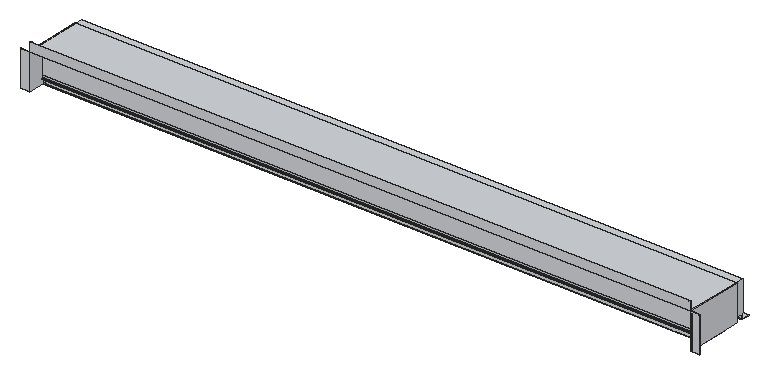
Revit family "EOS2.0-R-GRZ", category Lighting Fixtures, host Face, Revit 2018
Family settings
  Host = Face
  Round Connector Dimension = Use Diameter
  Part Type = Normal
  Cut with Voids When Loaded = No
  Light Source = Yes
  Shared = Yes
  Room Calculation Point = Yes
Parameters (values of type "4' Direct")
  Wattage = 17.6471 W
  built-in parameter 1150110 = 1 (stored number, unit not read)
  Voltage = 0 V
  built-in parameter 1114217 = 1 (stored number, unit not read)
  built-in parameter 1150109 = 1 (stored number, unit not read)
  built-in parameter 1150134 = 12
  Switch Leg Visibility = yes
  Switch Leg [instance] = ""
  built-in parameter 1150113 = 1 (stored number, unit not read)
  Regress = 0' - 1"
  Material [instance] = LUX ILLUMINAIRE White
  built-in parameter 1150105 = 477.46 (stored number, unit not read)
  Lumens = 1500 lm
  built-in parameter 1150115 = 1 (stored number, unit not read)
  Light Source Symbol Size = 2' - 0"
  built-in parameter 1150137 = (empty or 0)
  built-in parameter 1150139 = (empty or 0)
  built-in parameter 1150112 = 1 (stored number, unit not read)
  built-in parameter 1150114 = 1 (stored number, unit not read)
  Lamp = "LED"
  built-in parameter 1150132 = 2
  built-in parameter 1150102 = (empty or 0)
  built-in parameter 1150107 = 4000 (stored number, unit not read)
  built-in parameter 1150138 = (empty or 0)
  built-in parameter 1150106 = 4.7746 (stored number, unit not read)
  Fixture Width = 0' - 2 75/128"  # constant formula
  Fixture Symbol Visiblity = yes
  Fixture Length = 3' - 11.99869"
  Fixture Height = 0' 3 11/16" + Regress  # 0' - 4 11/16"
  End Cap Right [instance] = yes
  End Cap Left [instance] = yes
  Emit from Rectangle Width = Fixture Width - 0' 0 5/8"  # 0' - 1 123/128"
  Emit from Rectangle Length = Fixture Length  # 3' - 11.99869"
  Emit Shape Visible in Rendering = yes
  Emergency Lighting [instance] = no
  built-in parameter 1150104 = 7.8968 (stored number, unit not read)
  Dimming Lamp Color Temperature Shift = <None>
  Default Elevation = 7' - 0"
  Color Filter = 16777215
  built-in parameter 1140040 [instance] = 1
  built-in parameter 1114218 = 1 (stored number, unit not read)
  built-in parameter 1150133 = 10 (stored number, unit not read)
  Apparent Load = 13.7 VA
Types (6): name | Wattage | built-in parameter 1150105 | Lumens | built-in parameter 1150106 | Fixture Length | Emit from Rectangle Length | Apparent Load
  3' Direct | 13.2353 W | 358.1 (stored number, unit not read) | 1125 lm | 3.581 (stored number, unit not read) | 3' - 0" | 3' - 0" | 10.3 VA
  4' Direct | 17.6471 W | 477.46 (stored number, unit not read) | 1500 lm | 4.7746 (stored number, unit not read) | 3' - 11.99869" | 3' - 11.99869" | 13.7 VA
  5' Direct | 22.0588 W | 596.83 (stored number, unit not read) | 1875 lm | 5.9683 (stored number, unit not read) | 5' - 0" | 5' - 0" | 17.1 VA
  6' Direct | 26.4706 W | 716.2 (stored number, unit not read) | 2250 lm | 7.162 (stored number, unit not read) | 6' - 0" | 6' - 0" | 20.6 VA
  7' Direct | 30.8824 W | 835.56 (stored number, unit not read) | 2625 lm | 8.3556 (stored number, unit not read) | 7' - 0" | 7' - 0" | 24 VA
  8' Direct | 35.2941 W | 954.93 (stored number, unit not read) | 3000 lm | 9.5493 (stored number, unit not read) | 8' - 0" | 8' - 0" | 27.4 VA
Reference planes (in)
  plane 1 "Center (Front/Back)": y = 0
  plane 2: z = 0
  plane 3 "Center (Left/Right)": x = 0
  plane 4: x = 23.99935
  plane 5: x = -23.99935
  plane 6: z = 1
  plane 7: x = 24.25261
  plane 8: x = -24.25065
  plane 9: z = 2.58594
  plane 10 "Fixture Height": y = 4.6875
  plane 11 "Center L/S": y = 1
Forms (in)
  Extrusion 1, solid, not visible
    sketch origin (0, 0, 0) x (1, 0, 0) y (0, 1, 0)
      loop
        circle (0.00029, -24) r 0.1875
    from 0 to 1
  Extrusion 2, solid, not visible
    sketch origin (0, 0, 0) x (1, 0, 0) y (0, 1, 0)
      loop
        circle (0.0005, -24) r 0.03125
    from 1 to 13.33203
  Extrusion 3, solid, not visible
    sketch origin (0, 0, 0) x (1, 0, 0) y (0, 1, 0)
      loop
        circle (0.0005, -24) r 0.18729
    from 13.33203 to 14.08203
  Extrusion 4, solid
    sketch origin (0, 0.04726, -0.00154) x (0, 1, 0) y (0, 0, 1)
      loop
        line (0.95274, 2.58748) -> (0.95274, 2.50751) -> (1.0386, 2.50751) -> (1.02063, 2.35592) -> (1.02063, 0.61759) -> (1.03865, 0.46499) -> (0.95274, 0.46499) -> (0.95274, 0.38499) -> (1.10973, 0.38499) -> (1.10973, 0.03)
        arc (1.10973, 0.03) -> (1.11851, 0.00879) -> (1.13973, 0) r 0.03
        line (1.13973, 0) -> (2.97267, 0)
        arc (2.97267, 0) -> (3.04053, 0.0281) -> (3.06867, 0.09594) r 0.096
        line (3.06867, 0.09594) -> (3.06867, 0.289)
        arc (3.06867, 0.289) -> (3.08273, 0.32294) -> (3.11667, 0.337) r 0.048
        line (3.11667, 0.337) -> (4.48733, 0.337)
        arc (4.48733, 0.337) -> (4.52127, 0.32294) -> (4.53533, 0.289) r 0.048
        line (4.53533, 0.289) -> (4.53533, 0.09609)
        arc (4.53533, 0.09609) -> (4.56341, 0.02815) -> (4.63133, 0) r 0.096
        line (4.63133, 0) -> (5.13133, 0) -> (5.13133, 0.048) -> (4.63133, 0.048)
        arc (4.63133, 0.048) -> (4.59739, 0.06206) -> (4.58333, 0.096) r 0.048
        line (4.58333, 0.096) -> (4.58333, 0.385) -> (4.64024, 0.385) -> (4.64024, 2.58748) -> (0.95274, 2.58748)
    from -23.99935 to 23.99935
  Extrusion 5, solid
    sketch origin (0, 0, 0) x (0, 1, 0) y (0, 0, 1)
      loop
        line (4.1, 2.63394) -> (0, 2.63394) -> (0, 3.24894) -> (-0.048, 3.24894) -> (-0.048, 2.58594) -> (4.1, 2.58594) -> (4.1, 2.63394)
    from -23.99935 to 23.99935
  Extrusion 6, solid, visible <- "End Cap Left"
    sketch origin (0, 0, 0) x (1, 0, 0) y (0, 1, 0)
      loop
        line (-23.99935, -0.048) -> (-23.99935, 4.10044) -> (-24.04622, 4.10044) -> (-24.04622, 0) -> (-24.6556, 0) -> (-24.6556, -0.048) -> (-23.99935, -0.048)
    from 0 to 2.58594
  Extrusion 7, solid, visible <- "End Cap Right"
    sketch origin (0, 0, 0) x (-1, 0, 0) y (0, -1, 0)
      loop
        line (-23.99935, 0.048) -> (-24.6556, 0.048) -> (-24.6556, 0) -> (-24.04622, 0) -> (-24.04622, -4.10044) -> (-23.99935, -4.10044) -> (-23.99935, 0.048)
    from 0 to 2.58594
Lines and regions (in)
  symbolic lines, visible <- "Fixture Symbol Visiblity"
    curve 1: line (23.99935, 0, 2.58594) -> (-23.99935, 0, 2.58594)
    curve 2: line (23.99935, 0, 0.09334) -> (23.99935, 0, 2.58594)
    curve 3: line (-23.99935, 0, 0.09334) -> (23.99935, 0, 0.09334)
    curve 4: line (-23.99935, 0, 2.58594) -> (-23.99935, 0, 0.09334)
Dimensions and locks (in)
  plane 5 to plane 4 = 3' - 11.99869"
  plane 4 to plane 5 = 3' - 11.99869"
  equal spacing: plane 4, plane 3 "Center (Left/Right)", plane 5
  "Fixture Length": plane 4 to plane 5
  plane 7 to plane 4 = 0' - 0.25327"
  plane 5 to plane 8 = 0' - 0.25131"
  plane 9 to level = 0' - 2 75/128"
  "Fixture Width": level to plane 9
  "Fixture Height": plane 10 "Fixture Height" to plane 1 "Center (Front/Back)"
  locked: plane 10 "Fixture Height" to plane 11 "Center L/S" at 3.6875
  locked: Extrusion 4 to imposter light at 0.04026
  aligned and locked: plane 2 to host face
  aligned and locked: level to host face
  aligned and locked: plane 5 to curve 4
  aligned and locked: curve 2 to plane 4
  aligned and locked: plane 4 to nested 1
  aligned and locked: nested 1 to plane 5
  aligned and locked: nested 1 to plane 9
  aligned and locked: curve 1 to plane 9
  aligned and locked: Extrusion 4 to plane 5
  aligned and locked: plane 4 to Extrusion 4
  aligned and locked: Extrusion 4 sketch curve to plane 10 "Fixture Height"
  aligned and locked: plane 11 "Center L/S" to Extrusion 4
  aligned and locked: plane 11 "Center L/S" to Extrusion 4 sketch curve
  aligned and locked: Extrusion 4 sketch curve to plane 11 "Center L/S"
  aligned and locked: plane 4 to Extrusion 5
  aligned and locked: Extrusion 5 to plane 5
  aligned and locked: plane 9 to Extrusion 6
  aligned and locked: Extrusion 4 sketch curve to plane 9
  aligned and locked: plane 9 to Extrusion 7
  aligned and locked: plane 9 to Extrusion 5 sketch curve
Automatic sketch dimensions
  level to curve 4 = 0' - 0.09334"
  host sketch curve to host sketch curve = 8' - 0"  (x2)
  plane 1 "Center (Front/Back)" to Extrusion 6 sketch curve = 0' - 0"
  Extrusion 6 sketch curve to plane 5 = 0' - 0"
  Extrusion 6 sketch curve to plane 5 = 0' - 0 3/64"
  Extrusion 6 sketch curve to plane 8 = 0' - 0.40494"
  plane 1 "Center (Front/Back)" to Extrusion 6 sketch curve = 0' - 0.048"
  plane 10 "Fixture Height" to Extrusion 6 sketch curve = 0' - 0.58706"
  Extrusion 7 sketch curve to plane 1 "Center (Front/Back)" = 0' - 0"
  Extrusion 7 sketch curve to plane 1 "Center (Front/Back)" = 0' - 0.048"
  Extrusion 7 sketch curve to plane 7 = 0' - 0.40298"
  Extrusion 7 sketch curve to plane 4 = 0' - 0 3/64"
  plane 4 to Extrusion 7 sketch curve = 0' - 0"
  Extrusion 7 sketch curve to plane 10 "Fixture Height" = 0' - 0.58707"
  Extrusion 4 sketch curve to Extrusion 4 sketch curve = 0' - 0"  (x17)
  Extrusion 4 sketch curve to plane 11 "Center L/S" = 0' - 0.06789"
  Extrusion 4 sketch curve to Extrusion 4 sketch curve = 0' - 0.08586"
  Extrusion 4 sketch curve to Extrusion 4 sketch curve = 0' - 0.08592"
  Extrusion 4 sketch curve to Extrusion 4 sketch curve = 0' - 0.07107"
  Extrusion 4 sketch curve to Extrusion 4 sketch curve = 0' - 0.03"
  level to Extrusion 4 sketch curve = 0' - 0.09446"
  plane 10 "Fixture Height" to Extrusion 4 sketch curve = 0' - 1.66757"
  Extrusion 4 sketch curve to Extrusion 4 sketch curve = 0' - 0.096"  (x2)
  Extrusion 4 sketch curve to Extrusion 4 sketch curve = 0' - 0.048"  (x2)
  plane 10 "Fixture Height" to Extrusion 4 sketch curve = 0' - 0.15291"
  plane 10 "Fixture Height" to Extrusion 4 sketch curve = 0' - 0.10491"
  Extrusion 4 sketch curve to Extrusion 4 sketch curve = 0' - 0.05691"
  plane 10 "Fixture Height" to Extrusion 4 sketch curve = 0' - 0.00891"
  Extrusion 4 sketch curve to level = 0' - 0.00154"
  Extrusion 4 sketch curve to plane 10 "Fixture Height" = 0' - 0.49109"
  level to Extrusion 4 sketch curve = 0' - 0.02846"
  level to Extrusion 4 sketch curve = 0' - 0.04646"
  level to Extrusion 4 sketch curve = 0' - 0.0944"
  Extrusion 4 sketch curve to Extrusion 4 sketch curve = 0' - 0.00009"
  Extrusion 4 sketch curve to Extrusion 4 sketch curve = 0' - 0.19291"
  Extrusion 4 sketch curve to Extrusion 4 sketch curve = 0' - 0.19306"
  Extrusion 4 sketch curve to Extrusion 4 sketch curve = 0' - 0.35499"
  Extrusion 4 sketch curve to Extrusion 4 sketch curve = 0' - 0.08"
  Extrusion 4 sketch curve to Extrusion 4 sketch curve = 0' - 0.1526"
  Extrusion 4 sketch curve to plane 9 = 0' - 0.23156"
  Extrusion 4 sketch curve to plane 9 = 0' - 0.07997"
  Extrusion 5 sketch curve to plane 1 "Center (Front/Back)" = 0' - 0"
  plane 1 "Center (Front/Back)" to Extrusion 5 sketch curve = 0' - 0.048"
  plane 10 "Fixture Height" to Extrusion 5 sketch curve = 0' - 0.5875"
  plane 9 to Extrusion 5 sketch curve = 0' - 0.048"
  Extrusion 5 sketch curve to Extrusion 5 sketch curve = 0' - 0.615"
  radius of Extrusion 1 sketch curve = 0' - 0 3/16"
  radius of Extrusion 2 sketch curve = 0' - 0 1/32"
  radius of Extrusion 3 sketch curve = 0' - 0.18729"
Nested families (in)
  nested 1: "Emergency Symbol Rectangle" at (0.00065, 0, -9.57974) x (-1, 0, 0) z (0, -1, 0), visible <- "Emergency Lighting", type "Emergency Symbol Rectangle"
    with Width 0' - 8.83136", Length 3' - 11.99869"
Definition of nested family "Emergency Symbol Rectangle"
  Parameters (values of type "Emergency Symbol Rectangle")
    Width [instance] = 0' - 8 1/2"
    Length [instance] = 5' - 0"
    Emergency Visibility = no
  Reference planes (in)
    plane 1 "Center (Front/Back)": y = -7.75
    plane 2: z = 0
    plane 3 "Center (Left/Right)": x = -24
    plane 4: x = 24
    plane 5: x = -36
    plane 6: y = -3.5
    plane 7: y = -12
  Lines and regions (in)
    Filled region 1, type "Solid Fill - Black", in view "Ref. Level", detail levels coarse+medium
      outline origin (0, 0.25, 0) x (1, 0, 0) y (0, 1, 0)
        loop
          line (-36, -12.25) -> (24, -12.25) -> (-36, -10.125) -> (-36, -12.25)
  Dimensions and locks (in)
    equal spacing: plane 7, plane 1 "Center (Front/Back)", plane 6
    "Width": plane 7 to plane 6
    "Length": plane 5 to plane 4
    aligned and locked: plane 5 to Filled region 1
  Automatic sketch dimensions
    plane 1 "Center (Front/Back)" to Filled region 1 sketch curve = 0' - 2 1/8"
    Filled region 1 sketch curve to plane 3 "Center (Left/Right)" = 1' - 0"
    Filled region 1 sketch curve to plane 4 = 0' - 0"
    Filled region 1 sketch curve to plane 7 = 0' - 0"
